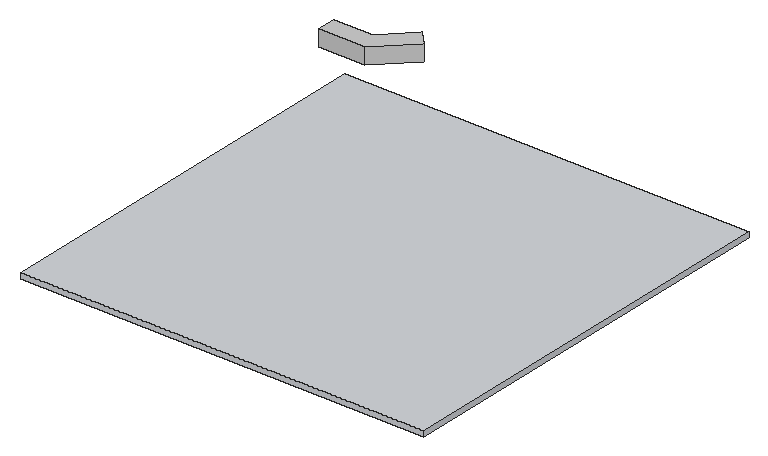
Revit family
Parameters (values of type "31X12")
  URL = "www.lightingservicesinc.com/product.asp?productID=140"
  Type Comments = "Two Ckt"
  Suspension Length Note [instance] = "Use same suspension length as for adjacent track (0'-1 7/16\" for surface track)"
  Suspension Length [instance] = 1' - 6"
  Model Date = "7 April 2010"
  Model = "32X12"
  Manufacturer = "Lighting Services Inc."
  LSI Surface Track Finish [instance] = LSI Surface Track Finish
  Keynote = "26 51 00"
  Description = "120/250V Flexible Joiner"
  Default Elevation = 4' - 0"
  Assembly Code = "D5020200"
  Angle [instance] = 135.00°
Reference planes (in)
  plane 1 "Center (Front/Back)": y = 0
  plane 2: z = -0.0625
  plane 3 "Center (Left/Right)": x = 0
  plane 4 "Bottom of Track": z = 17.9375
  plane 5 "Top of Track": z = 16.5
Forms (in)
  Extrusion 1, solid
    sketch origin (0, 0, -0.0625) x (1, 0, 0) y (0, 1, 0)
      loop
        line (-18, 19.25) -> (-18, -18.22965) -> (19.38013, -18.22965) -> (19.38013, 19.25) -> (-18, 19.25)
    from 0 to -0.5
  Extrusion 2, solid, material "LSI Surface Track Finish" <- "LSI Surface Track Finish"
    sketch origin (0, -0.875, 17.875) x (1, 0, 0) y (0, 1, 0)
      loop
        line (-3.5625, 0.875) -> (-3.5625, -0.875) -> (0.72487, -0.875) -> (3.7565, 2.15663) -> (2.51907, 3.39407) -> (0, 0.875) -> (-3.5625, 0.875)
    from -1.375 to 0.0625
Lines and regions (in)
  reference lines
    curve 1: line (0, 0, -0.0625) -> (4.94975, -4.94975, -0.0625)
    curve 2: line (0, 0, -0.0625) -> (3.35876, 3.35876, -0.0625)
Dimensions and locks (in)
  locked: Extrusion 2 sketch curve to Extrusion 2 sketch curve at 1.75  (x2)
  locked: Extrusion 2 sketch curve to plane 3 "Center (Left/Right)" at 3.5625
  locked: curve 1 to Extrusion 2 sketch curve at 3.5625
  locked: plane 4 "Bottom of Track" to plane 5 "Top of Track" at 1.4375
  "Suspension Length": plane 4 "Bottom of Track" to plane 2
  locked: curve 1 to curve 2 (angle 90.00°)
  "Angle": angle curve 2 to plane 1 "Center (Front/Back)"
  aligned and locked: plane 2 to Extrusion 1
  aligned and locked: level to Extrusion 1
  aligned and locked: plane 1 "Center (Front/Back)" to curve 2
  aligned and locked: plane 3 "Center (Left/Right)" to curve 1
  aligned and locked: Extrusion 2 sketch curve to curve 2
  aligned and locked: plane 4 "Bottom of Track" to Extrusion 2
  aligned and locked: Extrusion 2 to plane 5 "Top of Track"
  aligned and locked: plane 1 "Center (Front/Back)" to nested 1
  aligned and locked: plane 3 "Center (Left/Right)" to nested 1
Automatic sketch dimensions
  Extrusion 1 sketch curve to Extrusion 1 sketch curve = 3' - 1.38013"
  Extrusion 1 sketch curve to Extrusion 1 sketch curve = 3' - 1.47965"
  Extrusion 2 sketch curve to plane 1 "Center (Front/Back)" = 0' - 0"
Nested families (in)
  nested 1: "LSI Flex Joiner Plan View Symbol" at (63.41335, -9.84847, -0.0625), Angle <- "Angle", type "Flex"
    with Angle 135.00°
Connectors (in)
  electrical at (-1.41881, -1.75, 17.21875)
    settings: on Extrusion 2, index 1
  electrical at (-1.78125, 0, 17.21875)
    settings: on Extrusion 2, index 2
Definition of nested family "LSI Flex Joiner Plan View Symbol"
  Parameters (values of type "Flex")
    Width = 0' - 1 3/4"
    Length = 0' - 3 145/256"
    Assembly Code = ""
    Angle [instance] = 135.00°
  Reference planes (in)
    plane 1 "Center (Front/Back)": y = 9.84847
    plane 2: z = 0
    plane 3 "Center (Left/Right)": x = -63.41335
  Lines and regions (in)
    Filled region 1, type "Solid Fill - White", in view "Ref. Level"
      outline origin (0, 0, 0) x (1, 0, 0) y (0, 1, 0)
        loop
          line (-66.97975, 9.84847) -> (-66.97975, 8.09847) -> (-62.69381, 8.09847) -> (-59.65408, 11.13821) -> (-60.89152, 12.37565) -> (-63.41869, 9.84847) -> (-66.97975, 9.84847)
    reference lines, in view "Ref. Level"
      curve 1: line (-63.41335, 9.85382, 0) -> (-58.64843, 14.61873, 0)
      curve 2: line (-63.41335, 9.85382, 0) -> (-57.93327, 4.37374, 0)
  Dimensions and locks (in)
    "Width": Filled region 1 sketch curve to Filled region 1 sketch curve  (x2)
    "Length": curve 2 to Filled region 1 sketch curve
    "Length": Filled region 1 sketch curve to plane 3 "Center (Left/Right)"
    "Angle": angle curve 1 to plane 1 "Center (Front/Back)"
    locked: curve 2 to curve 1 (angle 90.00°)
    aligned and locked: Filled region 1 to plane 1 "Center (Front/Back)"
    aligned and locked: plane 1 "Center (Front/Back)" to Filled region 1 sketch curve
    aligned and locked: Filled region 1 sketch curve to curve 1
  Automatic sketch dimensions
    curve 1 to plane 3 "Center (Left/Right)" = 0' - 0"
    curve 2 to plane 1 "Center (Front/Back)" = 0' - 0.00534"
